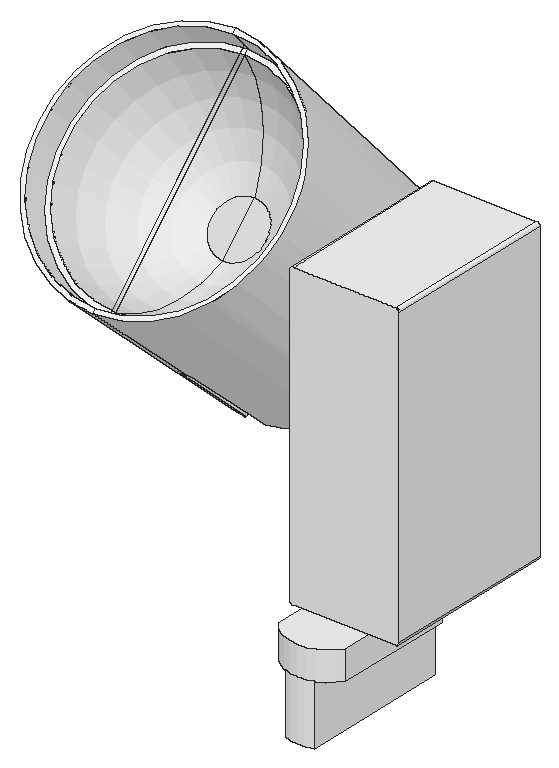
Revit family "0004882 Feilo Sylvania Lighting Fixture START TRACK SPOT L 55W 4K RA90 WB WHITE", category Lighting Fixtures, host Face, Revit 2017
Family settings
  Host = Face
  Round Connector Dimension = Use Diameter
  Part Type = Normal
  OmniClass Number = 23.80.70.00
  OmniClass Title = Lighting
  Cut with Voids When Loaded = No
  Light Source = No
  Shared = No
  Room Calculation Point = No
Parameters (values of type "0004882 START TRACK SPOT L 55W 4K RA90 WB WHITE")
  Weight = "1.398 kg"
  Wattage Comments = ""
  WarrantyStartDate [instance] = "n/a"
  WarrantyGuarantorParts = "n/a"
  WarrantyDurationUnit = "n/a"
  WarrantyDurationParts = "n/a"
  WarrantyDescription = "n/a"
  Voltage = 230 V
  URL = "http://www.sylvania-lighting.com"
  TypeName = "START TRACK SPOT L 55W 4K RA90 WB WHITE"
  TypeHead_FEILO = Start Track Spot Head : 0004882 START TRACK SPOT L 55W 4K RA90 WB WHITE
  TypeBox_FEILO = Start Track Spot Box : Type Large White
  Type Image = <None>
  Type Comments = "n/a"
  VerticalRotation_FEILO [instance] = 0.00°
  SlideEndAngle_FEILO [instance] = VerticalRotation_FEILO + 180.00°  # 180.00°
  SerialNumber [instance] = "n/a"
  Material_3_FEILO = none
  PowerFactor = 0.96
  PowerConsumption = "55 W"
  NominalLength = 0 mm
  NominalHeight = 240 mm
  NominalDepth = 164 mm
  Name = "START TRACK SPOT L 55W 4K RA90 WB WHITE"
  ModelReference = Name  # "START TRACK SPOT L 55W 4K RA90 WB WHITE"
  ModelNumber = "0004882"
  Model = Name  # "START TRACK SPOT L 55W 4K RA90 WB WHITE"
  Material = "adc12 aluminium housing, polycarbonate diffuser"
  ManufacturerName = "Feilo Sylvania"
  Manufacturer = "Feilo Sylvania"
  LuminousEfficacy = "88 lm/W"
  LuminaireType = ""
  LightOutputRatio = "100"
  LampsType = Lamp  # "LED"
  LampNominalLuminous = "4824 lm"
  LampMacAdamStep = "3"
  LampColourTemperature = "4000 K"
  LampColourRenderingIndex = "90"
  Lamp = "LED"
  Keynote = "16500"
  InstallationDate [instance] = "n/a"
  InputVoltage = "230-240V~"
  InputNominalFrequency = "50/60 Hz"
  IngressProtection = "IP20"
  ImpactProtectionIndex = "IK02"
  IfcExportType = "IfcLightFixtureType"
  IfcExportAs = "IfcLightFixtureType"
  HorizontalRotation_FEILO [instance] = 45.00°
  ExpectedLife = 50000
  ElectricShockClassification = "Class II"
  DurationUnit = "hours"
  DocumentationLiterature = "http://www.sylvania-lighting.com/product/en-int/products/0004882"
  DimmingControlOptions = "Non dimmable"
  Material_2_FEILO = none
  Description = "Integrated LED spotlight, Textured White - RAL9016, compact and minimalist design, ideal for retail applications, die-cast aluminium body, passive cooling heatsink. Beam angle: 52°, color temperature: 4000K , total system power: 55W, total fixture output: 4824 lm, LOR: 100%, colour rendering: Ra: 90 typical, LED Chromaticity: 3 step MacAdam ellipse, lifetime: >50000 hours at L70B50, energy class: A++, A+, A, IR/UV free light source without heat radiation, operating voltage: 220-240V / 50-60Hz, drive current: 1400mA, electronic driver, non-dimmable, power factor: 0.96, electrical protection: Class II, Global Track 3 Phase adapter suitable for Global trac 3-circuit tracks, ingress protection rating: IP20, suitable for internal environment only, horizontal rotation: 355°, vertical tilt: 90°, dimensions: Ø113x164x240, weight: 1.398kg."
  Default Elevation = 1219.2 mm
  CreatedOn = "12/12/2017"
  CreatedBy = ""
  Cost = 0
  built-in parameter 1114216 [instance] = (empty or 0)
  ClassificationValue = "EF_70_80"
  ClassificationName = "Uniclass2015"
  Material_1_FEILO = Body-Sylvania-StartTrackSpot-White
  BarCode [instance] = "n/a"
  AssetType = "Fixed"
  AssetIdentifier [instance] = "n/a"
  Assembly Code = "D5020200"
  Apparent Load = 55 VA
  Material_4_FEILO = none
Reference planes
  plane 1 "Center (Front/Back)": y = 0
  plane 2: z = 0
  plane 3 "Center (Left/Right)": x = 0
  plane 4: x = 15
  plane 5: x = -15
  plane 6: y = 35
  plane 7: y = -35
  plane 8: z = 13
  plane 9: z = -27
  plane 10: x = 6.5
  plane 11: x = -6.5
  plane 12: y = 27
  plane 13: y = -27
  plane 14: y = 20
Forms (mm)
  Extrusion 1, solid, material "Body-Sylvania-StartTrackSpot-White" <- "Material_1_FEILO"
    sketch origin (0, 0, 0) x (1, 0, 0) y (0, 1, 0)
      loop
        line (-15, 27) -> (-15, -27)
        arc (-15, -27) -> (0, -35) -> (15, -27) r 18.062
        line (15, -27) -> (15, 27)
        arc (15, 27) -> (0, 35) -> (-15, 27) r 18.062
    from 0 to 13
  Extrusion 2, solid, material "Body-Sylvania-StartTrackSpot-White" <- "Material_1_FEILO"
    sketch origin (0, 0, 0) x (1, 0, 0) y (0, 1, 0)
      loop
        arc (6.5, 33.79) -> (0, 35) -> (-6.5, 33.79) r 18.062
        line (-6.5, 33.79) -> (-6.5, -33.79)
        arc (-6.5, -33.79) -> (0, -35) -> (6.5, -33.79) r 18.062
        line (6.5, -33.79) -> (6.5, 33.79)
    from 0 to -27
  Revolve 3, solid, not visible
    sketch origin (1524, 20, 1219.2) x (1, 0, 0) y (0, 0, 1)
      loop
        line (-1524, -1206.2) -> (-1524, -1191.285) -> (-1530.5, -1191.285) -> (-1530.5, -1206.2) -> (-1524, -1206.2)
      axis (-1524, -1191.285) -> (-1524, -1206.2)
    angle from 0 <- "VerticalRotation_FEILO" to 180 <- "SlideEndAngle_FEILO"
Cuts and joins
  joined: Extrusion 1, Extrusion 2
Dimensions and locks
  equal spacing: plane 10, plane 3 "Center (Left/Right)", plane 11
  equal spacing: plane 4, plane 3 "Center (Left/Right)", plane 5
  locked: plane 8 to plane 2 at 13
  locked: plane 8 to plane 9 at 40
  equal spacing: plane 13, plane 1 "Center (Front/Back)", plane 12
  locked: plane 12 to plane 6 at 8
  locked: plane 14 to plane 6 at 15
  locked: Revolve 3 sketch curve to plane 8 at 14.915
  aligned and locked: plane 2 to host face
  aligned and locked: level to host face
  aligned and locked: plane 5 to Extrusion 1 sketch curve  (x2)
  aligned and locked: plane 12 to Extrusion 1 sketch curve
  aligned and locked: plane 13 to Extrusion 1 sketch curve
  aligned and locked: plane 4 to Extrusion 1 sketch curve
  aligned and locked: Extrusion 1 to plane 8
  aligned and locked: Extrusion 1 to level
  aligned and locked: Extrusion 2 sketch curve to Extrusion 1  (x2)
  aligned and locked: Extrusion 2 sketch curve to plane 11
  aligned and locked: plane 10 to Extrusion 2 sketch curve
  aligned and locked: plane 9 to Extrusion 2
  aligned and locked: level to Extrusion 2
  aligned and locked: Revolve 3 sketch curve to plane 3 "Center (Left/Right)"  (x2)
  aligned and locked: plane 11 to Revolve 3 sketch curve
  aligned and locked: Revolve 3 sketch curve to plane 8
Automatic sketch dimensions
  host sketch curve to host sketch curve = 2438.4 mm  (x2)
  Extrusion 1 sketch curve to plane 3 "Center (Left/Right)" = 0 mm  (x2)
  Extrusion 1 sketch curve to plane 13 = 10.062 mm
  plane 12 to Extrusion 1 sketch curve = 10.062 mm
  Revolve 3 sketch curve to plane 3 "Center (Left/Right)" = 0 mm
  plane 9 to Revolve 3 sketch curve = 582.6 mm
  Revolve 3 sketch curve to Revolve 3 sketch curve = 2581.144 mm
Nested families
  nested 1: "Start Track Spot Head" at (-75.5, 20, 133) x (0, 0.7071, 0.7071) z (0, 0.7071, -0.7071), type <- "TypeHead_FEILO", type "0004882 START TRACK SPOT L 55W 4K RA90 WB WHITE"
    with built-in parameter 1114216 (empty or 0)
  nested 2: "Start Track Spot Box" at (8.5, 20, 85) x (-1, 0, 0) z (0, -1, 0), BoxStartAngle_FEILO <- "HorizontalRotation_FEILO", type <- "TypeBox_FEILO", type "Type Large White"
    with BoxStartAngle_FEILO 45.00°, BoxEndAngle_FEILO -135.00°
Connectors
  electrical at (0, 0, 0), driven by "Apparent Load", driven by "PowerFactor", driven by "Voltage"
    settings: index 1, voltage 230 V, apparent load 55 VA, apparent load phase1 0 VA, apparent load phase2 0 VA, apparent load phase3 0 VA, power factor 0.96, load classification "Lighting", number of poles 1, system type 30, power factor state 1, is connector primary yes, connector utility no, sub classification motor no, connector description ""
Definition of nested family "Start Track Spot Head"
  Parameters (values of type "0004811 START TRACK SPOT S 14W 3K RA80 NB WHITE")
    Wattage Comments = "n/a"
    Wattage = 14 W
    built-in parameter 1150110 = 1 (stored number, unit not read)
    URL = "http://www.feilosylvania.com"
    Type Image = (empty or 0)
    Type Comments = "n/a"
    built-in parameter 1114217 = 1 (stored number, unit not read)
    Tilt Angle = -90.00°
    built-in parameter 1150109 = 1 (stored number, unit not read)
    built-in parameter 1150134 = (empty or 0)
    built-in parameter 1150113 = 1 (stored number, unit not read)
    Photometric Web File = "0004811.ies"
    Material_3_FEILO = none
    Model = "START TRACK SPOT S 14W 3K RA80 NB WHITE"
    Manufacturer = "Feilo Sylvania"
    built-in parameter 1150105 = 123.66 (stored number, unit not read)
    Lumens = 1554 lm
    built-in parameter 1150115 = 1 (stored number, unit not read)
    built-in parameter 1150137 = (empty or 0)
    built-in parameter 1150139 = (empty or 0)
    built-in parameter 1150112 = 1 (stored number, unit not read)
    built-in parameter 1150114 = 1 (stored number, unit not read)
    Lamp = "LED"
    Keynote = "16500"
    Material_2_FEILO = none
    built-in parameter 1150132 = (empty or 0)
    built-in parameter 1150102 = (empty or 0)
    built-in parameter 1150107 = 3000 (stored number, unit not read)
    built-in parameter 1150138 = (empty or 0)
    built-in parameter 1150106 = 1.2366 (stored number, unit not read)
    HeadThickness_FEILO = if(HeadDiaOut_FEILO > 112 mm, 2 mm, 1.5 mm)  # 1.5 mm
    HeadRibOffset_FEILO = HeadHeight_FEILO / 28  # 4.179 mm
    HeadRibDepth_FEILO = HeadHeight_FEILO / 2.1  # 55.714 mm
    HeadRibCutWidth_FEILO = HeadDiaOut_FEILO / 12  # 7.167 mm
    HeadRibCutOffset_FEILO = HeadHeight_FEILO / 2.3  # 50.87 mm
    HeadReflectorRadius_FEILO = HeadDiaOut_FEILO / 1.7  # 50.588 mm
    HeadReflectorOffset_FEILO = HeadHeight_FEILO / 2.1  # 55.714 mm
    HeadLEDRadius_FEILO = HeadDiaOut_FEILO / 9  # 9.556 mm
    HeadHeight_FEILO = 117 mm
    HeadDraft_FEILO = 1 mm
    HeadDiffusorThickness_FEILO = 3 mm
    HeadDiffusorOffset_FEILO = HeadHeight_FEILO / 12.4  # 9.435 mm
    HeadDiaOut_FEILO = 86 mm
    HeadDiaIn_FEILO = HeadDiaOut_FEILO / 1.11  # 77.477 mm
    HeadAxisFromTop_FEILO = HeadHeight_FEILO / 1.687  # 69.354 mm
    Emit from Circle Diameter = HeadDiaIn_FEILO  # 77.477 mm
    Emit Shape Visible in Rendering = no
    built-in parameter 1150104 = 10.312 (stored number, unit not read)
    Dimming Lamp Color Temperature Shift = (empty or 0)
    Description = "Integrated LED spotlight, Textured White - RAL9016, compact and minimalist design, ideal for retail applications, die-cast aluminium body, passive cooling heatsink. Beam angle: 12°, color temperature: 3000K , total system power: 14W, total fixture output: 1551 lm, LOR: 100%, colour rendering: Ra: 80 typical, LED Chromaticity: 3 step MacAdam ellipse, lifetime: >50000 hours at L70B50, energy class: A++, A+, A, IR/UV free light source without heat radiation, operating voltage: 220-240V / 50-60Hz, drive current: 350mA, electronic driver, non-dimmable, power factor: 0.92, electrical protection: Class II, Global Track 3 Phase adapter suitable for Global trac 3-circuit tracks, ingress protection rating: IP20, suitable for internal environment only, horizontal rotation: 355°, vertical tilt: 90°, dimensions: Ø86x140x200, weight: 0.940kg."
    Default Elevation = 1219.2 mm
    Cost = 0
    Color Filter = 16777215
    built-in parameter 1114216 [instance] = (empty or 0)
    Material_1_FEILO = none
    built-in parameter 1114218 = 1 (stored number, unit not read)
    built-in parameter 1150133 = 10 (stored number, unit not read)
    Assembly Code = "D5020200"
    Apparent Load = 14 VA
    Material_4_FEILO = none
  Types (96, lengths in mm): name | Wattage | built-in parameter 1150134 | Photometric Web File | Model | built-in parameter 1150105 | Lumens | built-in parameter 1150107 | built-in parameter 1150106 | HeadThickness_FEILO | HeadRibOffset_FEILO | HeadRibDepth_FEILO | HeadRibCutWidth_FEILO | HeadRibCutOffset_FEILO | HeadReflectorRadius_FEILO | HeadReflectorOffset_FEILO | HeadLEDRadius_FEILO | HeadHeight_FEILO | HeadDiffusorOffset_FEILO | HeadDiaOut_FEILO | HeadDiaIn_FEILO | HeadAxisFromTop_FEILO | Emit from Circle Diameter | built-in parameter 1150104 | Description | Apparent Load
    0004906 START TRACK SPOT L 55W 4K RA90 WB BLACK | 55 W | 12 | "0004906.ies" | "START TRACK SPOT L 55W 4K RA90 WB BLACK" | 385.15 (stored number, unit not read) | 4840 lm | 4000 (stored number, unit not read) | 3.8515 (stored number, unit not read) | 2 | 4.429 | 59.048 | 9.417 | 53.913 | 66.471 | 59.048 | 12.556 | 124 | 10 | 113 | 101.802 | 73.503 | 101.802 | 8.1755 (stored number, unit not read) | "Integrated LED spotlight, Textured Black - RAL9005, compact and minimalist design, ideal for retail applications, die-cast aluminium body, passive cooling heatsink. Beam angle: 52°, color temperature: 4000K , total system power: 55W, total fixture output: 4824 lm, LOR: 100%, colour rendering: Ra: 90 typical, LED Chromaticity: 3 step MacAdam ellipse, lifetime: >50000 hours at L70B50, energy class: A++, A+, A, IR/UV free light source without heat radiation, operating voltage: 220-240V / 50-60Hz, drive current: 1400mA, electronic driver, non-dimmable, power factor: 0.96, electrical protection: Class II, Global Track 3 Phase adapter suitable for Global trac 3-circuit tracks, ingress protection rating: IP20, suitable for internal environment only, horizontal rotation: 355°, vertical tilt: 90°, dimensions: Ø113x164x240, weight: 1.398kg." | 55 VA
    0004905 START TRACK SPOT L 55W 4K RA90 MB BLACK | 55 W | 12 | "0004905.ies" | "START TRACK SPOT L 55W 4K RA90 MB BLACK" | 389.53 (stored number, unit not read) | 4895 lm | 4000 (stored number, unit not read) | 3.8953 (stored number, unit not read) | 2 | 4.429 | 59.048 | 9.417 | 53.913 | 66.471 | 59.048 | 12.556 | 124 | 10 | 113 | 101.802 | 73.503 | 101.802 | 8.2684 (stored number, unit not read) | "Integrated LED spotlight, Textured Black - RAL9005, compact and minimalist design, ideal for retail applications, die-cast aluminium body, passive cooling heatsink. Beam angle: 38°, color temperature: 4000K , total system power: 55W, total fixture output: 4897 lm, LOR: 100%, colour rendering: Ra: 90 typical, LED Chromaticity: 3 step MacAdam ellipse, lifetime: >50000 hours at L70B50, energy class: A++, A+, A, IR/UV free light source without heat radiation, operating voltage: 220-240V / 50-60Hz, drive current: 1400mA, electronic driver, non-dimmable, power factor: 0.96, electrical protection: Class II, Global Track 3 Phase adapter suitable for Global trac 3-circuit tracks, ingress protection rating: IP20, suitable for internal environment only, horizontal rotation: 355°, vertical tilt: 90°, dimensions: Ø113x164x240, weight: 1.398kg." | 55 VA
    0004904 START TRACK SPOT L 55W 4K RA90 NB BLACK | 55 W | 12 | "0004904.ies" | "START TRACK SPOT L 55W 4K RA90 NB BLACK" | 393.91 (stored number, unit not read) | 4950 lm | 4000 (stored number, unit not read) | 3.9391 (stored number, unit not read) | 2 | 4.429 | 59.048 | 9.417 | 53.913 | 66.471 | 59.048 | 12.556 | 124 | 10 | 113 | 101.802 | 73.503 | 101.802 | 8.3613 (stored number, unit not read) | "Integrated LED spotlight, Textured Black - RAL9005, compact and minimalist design, ideal for retail applications, die-cast aluminium body, passive cooling heatsink. Beam angle: 15°, color temperature: 4000K , total system power: 55W, total fixture output: 4965 lm, LOR: 100%, colour rendering: Ra: 90 typical, LED Chromaticity: 3 step MacAdam ellipse, lifetime: >50000 hours at L70B50, energy class: A++, A+, A, IR/UV free light source without heat radiation, operating voltage: 220-240V / 50-60Hz, drive current: 1400mA, electronic driver, non-dimmable, power factor: 0.96, electrical protection: Class II, Global Track 3 Phase adapter suitable for Global trac 3-circuit tracks, ingress protection rating: IP20, suitable for internal environment only, horizontal rotation: 355°, vertical tilt: 90°, dimensions: Ø113x164x240, weight: 1.398kg." | 55 VA
    0004903 START TRACK SPOT L 35W 4K RA90 WB BLACK | 35 W | 12 | "0004903.ies" | "START TRACK SPOT L 35W 4K RA90 WB BLACK" | 284.09 (stored number, unit not read) | 3570 lm | 4000 (stored number, unit not read) | 2.8409 (stored number, unit not read) | 2 | 4.429 | 59.048 | 9.417 | 53.913 | 66.471 | 59.048 | 12.556 | 124 | 10 | 113 | 101.802 | 73.503 | 101.802 | 9.4761 (stored number, unit not read) | "Integrated LED spotlight, Textured Black - RAL9005, compact and minimalist design, ideal for retail applications, die-cast aluminium body, passive cooling heatsink. Beam angle: 52°, color temperature: 4000K , total system power: 35W, total fixture output: 3562 lm, LOR: 100%, colour rendering: Ra: 90 typical, LED Chromaticity: 3 step MacAdam ellipse, lifetime: >50000 hours at L70B50, energy class: A++, A+, A, IR/UV free light source without heat radiation, operating voltage: 220-240V / 50-60Hz, drive current: 900mA, electronic driver, non-dimmable, power factor: 0.93, electrical protection: Class II, Global Track 3 Phase adapter suitable for Global trac 3-circuit tracks, ingress protection rating: IP20, suitable for internal environment only, horizontal rotation: 355°, vertical tilt: 90°, dimensions: Ø113x164x240, weight: 1.368kg." | 35 VA
    0004902 START TRACK SPOT L 35W 4K RA90 MB BLACK | 35 W | 12 | "0004902.ies" | "START TRACK SPOT L 35W 4K RA90 MB BLACK" | 286.88 (stored number, unit not read) | 3605 lm | 4000 (stored number, unit not read) | 2.8688 (stored number, unit not read) | 2 | 4.429 | 59.048 | 9.417 | 53.913 | 66.471 | 59.048 | 12.556 | 124 | 10 | 113 | 101.802 | 73.503 | 101.802 | 9.569 (stored number, unit not read) | "Integrated LED spotlight, Textured Black - RAL9005, compact and minimalist design, ideal for retail applications, die-cast aluminium body, passive cooling heatsink. Beam angle: 38°, color temperature: 4000K , total system power: 35W, total fixture output: 3616 lm, LOR: 100%, colour rendering: Ra: 90 typical, LED Chromaticity: 3 step MacAdam ellipse, lifetime: >50000 hours at L70B50, energy class: A++, A+, A, IR/UV free light source without heat radiation, operating voltage: 220-240V / 50-60Hz, drive current: 900mA, electronic driver, non-dimmable, power factor: 0.93, electrical protection: Class II, Global Track 3 Phase adapter suitable for Global trac 3-circuit tracks, ingress protection rating: IP20, suitable for internal environment only, horizontal rotation: 355°, vertical tilt: 90°, dimensions: Ø113x164x240, weight: 1.368kg." | 35 VA
    0004901 START TRACK SPOT L 35W 4K RA90 NB BLACK | 35 W | 12 | "0004901.ies" | "START TRACK SPOT L 35W 4K RA90 NB BLACK" | 286.88 (stored number, unit not read) | 3605 lm | 4000 (stored number, unit not read) | 2.8688 (stored number, unit not read) | 2 | 4.429 | 59.048 | 9.417 | 53.913 | 66.471 | 59.048 | 12.556 | 124 | 10 | 113 | 101.802 | 73.503 | 101.802 | 9.569 (stored number, unit not read) | "Integrated LED spotlight, Textured Black - RAL9005, compact and minimalist design, ideal for retail applications, die-cast aluminium body, passive cooling heatsink. Beam angle: 15°, color temperature: 4000K , total system power: 35W, total fixture output: 3593 lm, LOR: 100%, colour rendering: Ra: 90 typical, LED Chromaticity: 3 step MacAdam ellipse, lifetime: >50000 hours at L70B50, energy class: A++, A+, A, IR/UV free light source without heat radiation, operating voltage: 220-240V / 50-60Hz, drive current: 900mA, electronic driver, non-dimmable, power factor: 0.93, electrical protection: Class II, Global Track 3 Phase adapter suitable for Global trac 3-circuit tracks, ingress protection rating: IP20, suitable for internal environment only, horizontal rotation: 355°, vertical tilt: 90°, dimensions: Ø113x164x240, weight: 1.368kg." | 35 VA
    0004900 START TRACK SPOT S 24W 4K RA90 WB BLACK | 24 W | 12 | "0004900.ies" | "START TRACK SPOT S 24W 4K RA90 WB BLACK" | 166.16 (stored number, unit not read) | 2088 lm | 4000 (stored number, unit not read) | 1.6616 (stored number, unit not read) | 1.5 | 4.179 | 55.714 | 7.167 | 50.87 | 50.588 | 55.714 | 9.556 | 117 | 9.435 | 86 | 77.477 | 69.354 | 77.477 | 8.0826 (stored number, unit not read) | "Integrated LED spotlight, Textured Black - RAL9005, compact and minimalist design, ideal for retail applications, die-cast aluminium body, passive cooling heatsink. Beam angle: 64°, color temperature: 4000K , total system power: 24W, total fixture output: 2087 lm, LOR: 100%, colour rendering: Ra: 90 typical, LED Chromaticity: 3 step MacAdam ellipse, lifetime: >50000 hours at L70B50, energy class: A++, A+, A, IR/UV free light source without heat radiation, operating voltage: 220-240V / 50-60Hz, drive current: 600mA, electronic driver, non-dimmable, power factor: 0.95, electrical protection: Class II, Global Track 3 Phase adapter suitable for Global trac 3-circuit tracks, ingress protection rating: IP20, suitable for internal environment only, horizontal rotation: 355°, vertical tilt: 90°, dimensions: Ø86x140x200, weight: 0.966kg." | 24 VA
    0004899 START TRACK SPOT S 24W 4K RA90 MB BLACK | 24 W | 12 | "0004899.ies" | "START TRACK SPOT S 24W 4K RA90 MB BLACK" | 169.98 (stored number, unit not read) | 2136 lm | 4000 (stored number, unit not read) | 1.6998 (stored number, unit not read) | 1.5 | 4.179 | 55.714 | 7.167 | 50.87 | 50.588 | 55.714 | 9.556 | 117 | 9.435 | 86 | 77.477 | 69.354 | 77.477 | 8.2684 (stored number, unit not read) | "Integrated LED spotlight, Textured Black - RAL9005, compact and minimalist design, ideal for retail applications, die-cast aluminium body, passive cooling heatsink. Beam angle: 36°, color temperature: 4000K , total system power: 24W, total fixture output: 2141 lm, LOR: 100%, colour rendering: Ra: 90 typical, LED Chromaticity: 3 step MacAdam ellipse, lifetime: >50000 hours at L70B50, energy class: A++, A+, A, IR/UV free light source without heat radiation, operating voltage: 220-240V / 50-60Hz, drive current: 600mA, electronic driver, non-dimmable, power factor: 0.95, electrical protection: Class II, Global Track 3 Phase adapter suitable for Global trac 3-circuit tracks, ingress protection rating: IP20, suitable for internal environment only, horizontal rotation: 355°, vertical tilt: 90°, dimensions: Ø86x140x200, weight: 0.966kg." | 24 VA
    0004898 START TRACK SPOT S 24W 4K RA90 NB BLACK | 24 W | 12 | "0004898.ies" | "START TRACK SPOT S 24W 4K RA90 NB BLACK" | 171.89 (stored number, unit not read) | 2160 lm | 4000 (stored number, unit not read) | 1.7189 (stored number, unit not read) | 1.5 | 4.179 | 55.714 | 7.167 | 50.87 | 50.588 | 55.714 | 9.556 | 117 | 9.435 | 86 | 77.477 | 69.354 | 77.477 | 8.3613 (stored number, unit not read) | "Integrated LED spotlight, Textured Black - RAL9005, compact and minimalist design, ideal for retail applications, die-cast aluminium body, passive cooling heatsink. Beam angle: 12°, color temperature: 4000K , total system power: 24W, total fixture output: 2155 lm, LOR: 100%, colour rendering: Ra: 90 typical, LED Chromaticity: 3 step MacAdam ellipse, lifetime: >50000 hours at L70B50, energy class: A++, A+, A, IR/UV free light source without heat radiation, operating voltage: 220-240V / 50-60Hz, drive current: 600mA, electronic driver, non-dimmable, power factor: 0.95, electrical protection: Class II, Global Track 3 Phase adapter suitable for Global trac 3-circuit tracks, ingress protection rating: IP20, suitable for internal environment only, horizontal rotation: 355°, vertical tilt: 90°, dimensions: Ø86x140x200, weight: 0.966kg." | 24 VA
    0004897 START TRACK SPOT S 14W 4K RA90 WB BLACK | 14 W | 12 | "0004897.ies" | "START TRACK SPOT S 14W 4K RA90 WB BLACK" | 108.07 (stored number, unit not read) | 1358 lm | 4000 (stored number, unit not read) | 1.0807 (stored number, unit not read) | 1.5 | 4.179 | 55.714 | 7.167 | 50.87 | 50.588 | 55.714 | 9.556 | 117 | 9.435 | 86 | 77.477 | 69.354 | 77.477 | 9.0116 (stored number, unit not read) | "Integrated LED spotlight, Textured Black - RAL9005, compact and minimalist design, ideal for retail applications, die-cast aluminium body, passive cooling heatsink. Beam angle: 64°, color temperature: 4000K , total system power: 14W, total fixture output: 1352 lm, LOR: 100%, colour rendering: Ra: 90 typical, LED Chromaticity: 3 step MacAdam ellipse, lifetime: >50000 hours at L70B50, energy class: A++, A+, A, IR/UV free light source without heat radiation, operating voltage: 220-240V / 50-60Hz, drive current: 350mA, electronic driver, non-dimmable, power factor: 0.92, electrical protection: Class II, Global Track 3 Phase adapter suitable for Global trac 3-circuit tracks, ingress protection rating: IP20, suitable for internal environment only, horizontal rotation: 355°, vertical tilt: 90°, dimensions: Ø86x140x200, weight: 0.940kg." | 14 VA
    0004896 START TRACK SPOT S 14W 4K RA90 MB BLACK | 14 W | 12 | "0004896.ies" | "START TRACK SPOT S 14W 4K RA90 MB BLACK" | 108.07 (stored number, unit not read) | 1358 lm | 4000 (stored number, unit not read) | 1.0807 (stored number, unit not read) | 1.5 | 4.179 | 55.714 | 7.167 | 50.87 | 50.588 | 55.714 | 9.556 | 117 | 9.435 | 86 | 77.477 | 69.354 | 77.477 | 9.0116 (stored number, unit not read) | "Integrated LED spotlight, Textured Black - RAL9005, compact and minimalist design, ideal for retail applications, die-cast aluminium body, passive cooling heatsink. Beam angle: 36°, color temperature: 4000K , total system power: 14W, total fixture output: 1359 lm, LOR: 100%, colour rendering: Ra: 90 typical, LED Chromaticity: 3 step MacAdam ellipse, lifetime: >50000 hours at L70B50, energy class: A++, A+, A, IR/UV free light source without heat radiation, operating voltage: 220-240V / 50-60Hz, drive current: 350mA, electronic driver, non-dimmable, power factor: 0.92, electrical protection: Class II, Global Track 3 Phase adapter suitable for Global trac 3-circuit tracks, ingress protection rating: IP20, suitable for internal environment only, horizontal rotation: 355°, vertical tilt: 90°, dimensions: Ø86x140x200, weight: 0.940kg." | 14 VA
    0004895 START TRACK SPOT S 14W 4K RA90 NB BLACK | 14 W | 12 | "0004895.ies" | "START TRACK SPOT S 14W 4K RA90 NB BLACK" | 106.95 (stored number, unit not read) | 1344 lm | 4000 (stored number, unit not read) | 1.0695 (stored number, unit not read) | 1.5 | 4.179 | 55.714 | 7.167 | 50.87 | 50.588 | 55.714 | 9.556 | 117 | 9.435 | 86 | 77.477 | 69.354 | 77.477 | 8.9187 (stored number, unit not read) | "Integrated LED spotlight, Textured Black - RAL9005, compact and minimalist design, ideal for retail applications, die-cast aluminium body, passive cooling heatsink. Beam angle: 12°, color temperature: 4000K , total system power: 14W, total fixture output: 1349 lm, LOR: 100%, colour rendering: Ra: 90 typical, LED Chromaticity: 3 step MacAdam ellipse, lifetime: >50000 hours at L70B50, energy class: A++, A+, A, IR/UV free light source without heat radiation, operating voltage: 220-240V / 50-60Hz, drive current: 350mA, electronic driver, non-dimmable, power factor: 0.92, electrical protection: Class II, Global Track 3 Phase adapter suitable for Global trac 3-circuit tracks, ingress protection rating: IP20, suitable for internal environment only, horizontal rotation: 355°, vertical tilt: 90°, dimensions: Ø86x140x200, weight: 0.940kg." | 14 VA
    0004894 START TRACK SPOT L 55W 3K RA90 WB BLACK | 55 W | (empty or 0) | "0004894.ies" | "START TRACK SPOT L 55W 3K RA90 WB BLACK" | 350.14 (stored number, unit not read) | 4400 lm | 3000 (stored number, unit not read) | 3.5014 (stored number, unit not read) | 2 | 4.429 | 59.048 | 9.417 | 53.913 | 66.471 | 59.048 | 12.556 | 124 | 10 | 113 | 101.802 | 73.503 | 101.802 | 7.4322 (stored number, unit not read) | "Integrated LED spotlight, Textured Black - RAL9005, compact and minimalist design, ideal for retail applications, die-cast aluminium body, passive cooling heatsink. Beam angle: 52°, color temperature: 3000K , total system power: 55W, total fixture output: 4405 lm, LOR: 100%, colour rendering: Ra: 90 typical, LED Chromaticity: 3 step MacAdam ellipse, lifetime: >50000 hours at L70B50, energy class: A++, A+, A, IR/UV free light source without heat radiation, operating voltage: 220-240V / 50-60Hz, drive current: 1400mA, electronic driver, non-dimmable, power factor: 0.96, electrical protection: Class II, Global Track 3 Phase adapter suitable for Global trac 3-circuit tracks, ingress protection rating: IP20, suitable for internal environment only, horizontal rotation: 355°, vertical tilt: 90°, dimensions: Ø113x164x240, weight: 1.398kg." | 55 VA
    0004893 START TRACK SPOT L 55W 3K RA90 MB BLACK | 55 W | (empty or 0) | "0004893.ies" | "START TRACK SPOT L 55W 3K RA90 MB BLACK" | 354.52 (stored number, unit not read) | 4455 lm | 3000 (stored number, unit not read) | 3.5452 (stored number, unit not read) | 2 | 4.429 | 59.048 | 9.417 | 53.913 | 66.471 | 59.048 | 12.556 | 124 | 10 | 113 | 101.802 | 73.503 | 101.802 | 7.5251 (stored number, unit not read) | "Integrated LED spotlight, Textured Black - RAL9005, compact and minimalist design, ideal for retail applications, die-cast aluminium body, passive cooling heatsink. Beam angle: 38°, color temperature: 3000K , total system power: 55W, total fixture output: 4448 lm, LOR: 100%, colour rendering: Ra: 90 typical, LED Chromaticity: 3 step MacAdam ellipse, lifetime: >50000 hours at L70B50, energy class: A++, A+, A, IR/UV free light source without heat radiation, operating voltage: 220-240V / 50-60Hz, drive current: 1400mA, electronic driver, non-dimmable, power factor: 0.96, electrical protection: Class II, Global Track 3 Phase adapter suitable for Global trac 3-circuit tracks, ingress protection rating: IP20, suitable for internal environment only, horizontal rotation: 355°, vertical tilt: 90°, dimensions: Ø113x164x240, weight: 1.398kg." | 55 VA
    0004892 START TRACK SPOT L 55W 3K RA90 NB BLACK | 55 W | (empty or 0) | "0004892.ies" | "START TRACK SPOT L 55W 3K RA90 NB BLACK" | 350.14 (stored number, unit not read) | 4400 lm | 3000 (stored number, unit not read) | 3.5014 (stored number, unit not read) | 2 | 4.429 | 59.048 | 9.417 | 53.913 | 66.471 | 59.048 | 12.556 | 124 | 10 | 113 | 101.802 | 73.503 | 101.802 | 7.4322 (stored number, unit not read) | "Integrated LED spotlight, Textured Black - RAL9005, compact and minimalist design, ideal for retail applications, die-cast aluminium body, passive cooling heatsink. Beam angle: 15°, color temperature: 3000K , total system power: 55W, total fixture output: 4416 lm, LOR: 100%, colour rendering: Ra: 90 typical, LED Chromaticity: 3 step MacAdam ellipse, lifetime: >50000 hours at L70B50, energy class: A++, A+, A, IR/UV free light source without heat radiation, operating voltage: 220-240V / 50-60Hz, drive current: 1400mA, electronic driver, non-dimmable, power factor: 0.96, electrical protection: Class II, Global Track 3 Phase adapter suitable for Global trac 3-circuit tracks, ingress protection rating: IP20, suitable for internal environment only, horizontal rotation: 355°, vertical tilt: 90°, dimensions: Ø113x164x240, weight: 1.398kg." | 55 VA
    0004891 START TRACK SPOT L 35W 3K RA90 WB BLACK | 35 W | (empty or 0) | "0004891.ies" | "START TRACK SPOT L 35W 3K RA90 WB BLACK" | 259.02 (stored number, unit not read) | 3255 lm | 3000 (stored number, unit not read) | 2.5902 (stored number, unit not read) | 2 | 4.429 | 59.048 | 9.417 | 53.913 | 66.471 | 59.048 | 12.556 | 124 | 10 | 113 | 101.802 | 73.503 | 101.802 | 8.64 (stored number, unit not read) | "Integrated LED spotlight, Textured Black - RAL9005, compact and minimalist design, ideal for retail applications, die-cast aluminium body, passive cooling heatsink. Beam angle: 52°, color temperature: 3000K , total system power: 35W, total fixture output: 3260 lm, LOR: 100%, colour rendering: Ra: 90 typical, LED Chromaticity: 3 step MacAdam ellipse, lifetime: >50000 hours at L70B50, energy class: A++, A+, A, IR/UV free light source without heat radiation, operating voltage: 220-240V / 50-60Hz, drive current: 900mA, electronic driver, non-dimmable, power factor: 0.93, electrical protection: Class II, Global Track 3 Phase adapter suitable for Global trac 3-circuit tracks, ingress protection rating: IP20, suitable for internal environment only, horizontal rotation: 355°, vertical tilt: 90°, dimensions: Ø113x164x240, weight: 1.368kg." | 35 VA
    0004890 START TRACK SPOT L 35W 3K RA90 MB BLACK | 35 W | (empty or 0) | "0004890.ies" | "START TRACK SPOT L 35W 3K RA90 MB BLACK" | 261.81 (stored number, unit not read) | 3290 lm | 3000 (stored number, unit not read) | 2.6181 (stored number, unit not read) | 2 | 4.429 | 59.048 | 9.417 | 53.913 | 66.471 | 59.048 | 12.556 | 124 | 10 | 113 | 101.802 | 73.503 | 101.802 | 8.7329 (stored number, unit not read) | "Integrated LED spotlight, Textured Black - RAL9005, compact and minimalist design, ideal for retail applications, die-cast aluminium body, passive cooling heatsink. Beam angle: 38°, color temperature: 3000K , total system power: 35W, total fixture output: 3306 lm, LOR: 100%, colour rendering: Ra: 90 typical, LED Chromaticity: 3 step MacAdam ellipse, lifetime: >50000 hours at L70B50, energy class: A++, A+, A, IR/UV free light source without heat radiation, operating voltage: 220-240V / 50-60Hz, drive current: 900mA, electronic driver, non-dimmable, power factor: 0.93, electrical protection: Class II, Global Track 3 Phase adapter suitable for Global trac 3-circuit tracks, ingress protection rating: IP20, suitable for internal environment only, horizontal rotation: 355°, vertical tilt: 90°, dimensions: Ø113x164x240, weight: 1.368kg." | 35 VA
    0004889 START TRACK SPOT L 35W 3K RA90 NB BLACK | 35 W | (empty or 0) | "0004889.ies" | "START TRACK SPOT L 35W 3K RA90 NB BLACK" | 261.81 (stored number, unit not read) | 3290 lm | 3000 (stored number, unit not read) | 2.6181 (stored number, unit not read) | 2 | 4.429 | 59.048 | 9.417 | 53.913 | 66.471 | 59.048 | 12.556 | 124 | 10 | 113 | 101.802 | 73.503 | 101.802 | 8.7329 (stored number, unit not read) | "Integrated LED spotlight, Textured Black - RAL9005, compact and minimalist design, ideal for retail applications, die-cast aluminium body, passive cooling heatsink. Beam angle: 15°, color temperature: 3000K , total system power: 35W, total fixture output: 3287 lm, LOR: 100%, colour rendering: Ra: 90 typical, LED Chromaticity: 3 step MacAdam ellipse, lifetime: >50000 hours at L70B50, energy class: A++, A+, A, IR/UV free light source without heat radiation, operating voltage: 220-240V / 50-60Hz, drive current: 900mA, electronic driver, non-dimmable, power factor: 0.93, electrical protection: Class II, Global Track 3 Phase adapter suitable for Global trac 3-circuit tracks, ingress protection rating: IP20, suitable for internal environment only, horizontal rotation: 355°, vertical tilt: 90°, dimensions: Ø113x164x240, weight: 1.368kg." | 35 VA
    0004888 START TRACK SPOT S 24W 3K RA90 WB BLACK | 24 W | (empty or 0) | "0004888.ies" | "START TRACK SPOT S 24W 3K RA90 WB BLACK" | 152.79 (stored number, unit not read) | 1920 lm | 3000 (stored number, unit not read) | 1.5279 (stored number, unit not read) | 1.5 | 4.179 | 55.714 | 7.167 | 50.87 | 50.588 | 55.714 | 9.556 | 117 | 9.435 | 86 | 77.477 | 69.354 | 77.477 | 7.4322 (stored number, unit not read) | "Integrated LED spotlight, Textured Black - RAL9005, compact and minimalist design, ideal for retail applications, die-cast aluminium body, passive cooling heatsink. Beam angle: 64°, color temperature: 3000K , total system power: 24W, total fixture output: 1928 lm, LOR: 100%, colour rendering: Ra: 90 typical, LED Chromaticity: 3 step MacAdam ellipse, lifetime: >50000 hours at L70B50, energy class: A++, A+, A, IR/UV free light source without heat radiation, operating voltage: 220-240V / 50-60Hz, drive current: 600mA, electronic driver, non-dimmable, power factor: 0.95, electrical protection: Class II, Global Track 3 Phase adapter suitable for Global trac 3-circuit tracks, ingress protection rating: IP20, suitable for internal environment only, horizontal rotation: 355°, vertical tilt: 90°, dimensions: Ø86x140x200, weight: 0.966kg." | 24 VA
    0004887 START TRACK SPOT S 24W 3K RA90 MB BLACK | 24 W | (empty or 0) | "0004887.ies" | "START TRACK SPOT S 24W 3K RA90 MB BLACK" | 154.7 (stored number, unit not read) | 1944 lm | 3000 (stored number, unit not read) | 1.547 (stored number, unit not read) | 1.5 | 4.179 | 55.714 | 7.167 | 50.87 | 50.588 | 55.714 | 9.556 | 117 | 9.435 | 86 | 77.477 | 69.354 | 77.477 | 7.5251 (stored number, unit not read) | "Integrated LED spotlight, Textured Black - RAL9005, compact and minimalist design, ideal for retail applications, die-cast aluminium body, passive cooling heatsink. Beam angle: 36°, color temperature: 3000K , total system power: 24W, total fixture output: 1944 lm, LOR: 100%, colour rendering: Ra: 90 typical, LED Chromaticity: 3 step MacAdam ellipse, lifetime: >50000 hours at L70B50, energy class: A++, A+, A, IR/UV free light source without heat radiation, operating voltage: 220-240V / 50-60Hz, drive current: 600mA, electronic driver, non-dimmable, power factor: 0.95, electrical protection: Class II, Global Track 3 Phase adapter suitable for Global trac 3-circuit tracks, ingress protection rating: IP20, suitable for internal environment only, horizontal rotation: 355°, vertical tilt: 90°, dimensions: Ø86x140x200, weight: 0.966kg." | 24 VA
    0004886 START TRACK SPOT S 24W 3K RA90 NB BLACK | 24 W | (empty or 0) | "0004886.ies" | "START TRACK SPOT S 24W 3K RA90 NB BLACK" | 158.52 (stored number, unit not read) | 1992 lm | 3000 (stored number, unit not read) | 1.5852 (stored number, unit not read) | 1.5 | 4.179 | 55.714 | 7.167 | 50.87 | 50.588 | 55.714 | 9.556 | 117 | 9.435 | 86 | 77.477 | 69.354 | 77.477 | 7.711 (stored number, unit not read) | "Integrated LED spotlight, Textured Black - RAL9005, compact and minimalist design, ideal for retail applications, die-cast aluminium body, passive cooling heatsink. Beam angle: 12°, color temperature: 3000K , total system power: 24W, total fixture output: 1987 lm, LOR: 100%, colour rendering: Ra: 90 typical, LED Chromaticity: 3 step MacAdam ellipse, lifetime: >50000 hours at L70B50, energy class: A++, A+, A, IR/UV free light source without heat radiation, operating voltage: 220-240V / 50-60Hz, drive current: 600mA, electronic driver, non-dimmable, power factor: 0.95, electrical protection: Class II, Global Track 3 Phase adapter suitable for Global trac 3-circuit tracks, ingress protection rating: IP20, suitable for internal environment only, horizontal rotation: 355°, vertical tilt: 90°, dimensions: Ø86x140x200, weight: 0.966kg." | 24 VA
    0004885 START TRACK SPOT S 14W 3K RA90 WB BLACK | 14 W | (empty or 0) | "0004885.ies" | "START TRACK SPOT S 14W 3K RA90 WB BLACK" | 100.27 (stored number, unit not read) | 1260 lm | 3000 (stored number, unit not read) | 1.0027 (stored number, unit not read) | 1.5 | 4.179 | 55.714 | 7.167 | 50.87 | 50.588 | 55.714 | 9.556 | 117 | 9.435 | 86 | 77.477 | 69.354 | 77.477 | 8.3613 (stored number, unit not read) | "Integrated LED spotlight, Textured Black - RAL9005, compact and minimalist design, ideal for retail applications, die-cast aluminium body, passive cooling heatsink. Beam angle: 64°, color temperature: 3000K , total system power: 14W, total fixture output: 1262 lm, LOR: 100%, colour rendering: Ra: 90 typical, LED Chromaticity: 3 step MacAdam ellipse, lifetime: >50000 hours at L70B50, energy class: A++, A+, A, IR/UV free light source without heat radiation, operating voltage: 220-240V / 50-60Hz, drive current: 350mA, electronic driver, non-dimmable, power factor: 0.92, electrical protection: Class II, Global Track 3 Phase adapter suitable for Global trac 3-circuit tracks, ingress protection rating: IP20, suitable for internal environment only, horizontal rotation: 355°, vertical tilt: 90°, dimensions: Ø86x140x200, weight: 0.940kg." | 14 VA
    0004884 START TRACK SPOT S 14W 3K RA90 MB BLACK | 14 W | (empty or 0) | "0004884.ies" | "START TRACK SPOT S 14W 3K RA90 MB BLACK" | 100.27 (stored number, unit not read) | 1260 lm | 3000 (stored number, unit not read) | 1.0027 (stored number, unit not read) | 1.5 | 4.179 | 55.714 | 7.167 | 50.87 | 50.588 | 55.714 | 9.556 | 117 | 9.435 | 86 | 77.477 | 69.354 | 77.477 | 8.3613 (stored number, unit not read) | "Integrated LED spotlight, Textured Black - RAL9005, compact and minimalist design, ideal for retail applications, die-cast aluminium body, passive cooling heatsink. Beam angle: 36°, color temperature: 3000K , total system power: 14W, total fixture output: 1262 lm, LOR: 100%, colour rendering: Ra: 90 typical, LED Chromaticity: 3 step MacAdam ellipse, lifetime: >50000 hours at L70B50, energy class: A++, A+, A, IR/UV free light source without heat radiation, operating voltage: 220-240V / 50-60Hz, drive current: 350mA, electronic driver, non-dimmable, power factor: 0.92, electrical protection: Class II, Global Track 3 Phase adapter suitable for Global trac 3-circuit tracks, ingress protection rating: IP20, suitable for internal environment only, horizontal rotation: 355°, vertical tilt: 90°, dimensions: Ø86x140x200, weight: 0.940kg." | 14 VA
    0004883 START TRACK SPOT S 14W 3K RA90 NB BLACK | 14 W | (empty or 0) | "0004883.ies" | "START TRACK SPOT S 14W 3K RA90 NB BLACK" | 102.5 (stored number, unit not read) | 1288 lm | 3000 (stored number, unit not read) | 1.025 (stored number, unit not read) | 1.5 | 4.179 | 55.714 | 7.167 | 50.87 | 50.588 | 55.714 | 9.556 | 117 | 9.435 | 86 | 77.477 | 69.354 | 77.477 | 8.5471 (stored number, unit not read) | "Integrated LED spotlight, Textured Black - RAL9005, compact and minimalist design, ideal for retail applications, die-cast aluminium body, passive cooling heatsink. Beam angle: 12°, color temperature: 3000K , total system power: 14W, total fixture output: 1284 lm, LOR: 100%, colour rendering: Ra: 90 typical, LED Chromaticity: 3 step MacAdam ellipse, lifetime: >50000 hours at L70B50, energy class: A++, A+, A, IR/UV free light source without heat radiation, operating voltage: 220-240V / 50-60Hz, drive current: 350mA, electronic driver, non-dimmable, power factor: 0.92, electrical protection: Class II, Global Track 3 Phase adapter suitable for Global trac 3-circuit tracks, ingress protection rating: IP20, suitable for internal environment only, horizontal rotation: 355°, vertical tilt: 90°, dimensions: Ø86x140x200, weight: 0.940kg." | 14 VA
    0004882 START TRACK SPOT L 55W 4K RA90 WB WHITE | 55 W | 12 | "0004882.ies" | "START TRACK SPOT L 55W 4K RA90 WB WHITE" | 385.15 (stored number, unit not read) | 4840 lm | 4000 (stored number, unit not read) | 3.8515 (stored number, unit not read) | 2 | 4.429 | 59.048 | 9.417 | 53.913 | 66.471 | 59.048 | 12.556 | 124 | 10 | 113 | 101.802 | 73.503 | 101.802 | 8.1755 (stored number, unit not read) | "Integrated LED spotlight, Textured White - RAL9016, compact and minimalist design, ideal for retail applications, die-cast aluminium body, passive cooling heatsink. Beam angle: 52°, color temperature: 4000K , total system power: 55W, total fixture output: 4824 lm, LOR: 100%, colour rendering: Ra: 90 typical, LED Chromaticity: 3 step MacAdam ellipse, lifetime: >50000 hours at L70B50, energy class: A++, A+, A, IR/UV free light source without heat radiation, operating voltage: 220-240V / 50-60Hz, drive current: 1400mA, electronic driver, non-dimmable, power factor: 0.96, electrical protection: Class II, Global Track 3 Phase adapter suitable for Global trac 3-circuit tracks, ingress protection rating: IP20, suitable for internal environment only, horizontal rotation: 355°, vertical tilt: 90°, dimensions: Ø113x164x240, weight: 1.398kg." | 55 VA
    0004881 START TRACK SPOT L 55W 4K RA90 MB WHITE | 55 W | 12 | "0004881.ies" | "START TRACK SPOT L 55W 4K RA90 MB WHITE" | 389.53 (stored number, unit not read) | 4895 lm | 4000 (stored number, unit not read) | 3.8953 (stored number, unit not read) | 2 | 4.429 | 59.048 | 9.417 | 53.913 | 66.471 | 59.048 | 12.556 | 124 | 10 | 113 | 101.802 | 73.503 | 101.802 | 8.2684 (stored number, unit not read) | "Integrated LED spotlight, Textured White - RAL9016, compact and minimalist design, ideal for retail applications, die-cast aluminium body, passive cooling heatsink. Beam angle: 38°, color temperature: 4000K , total system power: 55W, total fixture output: 4897 lm, LOR: 100%, colour rendering: Ra: 90 typical, LED Chromaticity: 3 step MacAdam ellipse, lifetime: >50000 hours at L70B50, energy class: A++, A+, A, IR/UV free light source without heat radiation, operating voltage: 220-240V / 50-60Hz, drive current: 1400mA, electronic driver, non-dimmable, power factor: 0.96, electrical protection: Class II, Global Track 3 Phase adapter suitable for Global trac 3-circuit tracks, ingress protection rating: IP20, suitable for internal environment only, horizontal rotation: 355°, vertical tilt: 90°, dimensions: Ø113x164x240, weight: 1.398kg." | 55 VA
    0004880 START TRACK SPOT L 55W 4K RA90 NB WHITE | 55 W | 12 | "0004880.ies" | "START TRACK SPOT L 55W 4K RA90 NB WHITE" | 393.91 (stored number, unit not read) | 4950 lm | 4000 (stored number, unit not read) | 3.9391 (stored number, unit not read) | 2 | 4.429 | 59.048 | 9.417 | 53.913 | 66.471 | 59.048 | 12.556 | 124 | 10 | 113 | 101.802 | 73.503 | 101.802 | 8.3613 (stored number, unit not read) | "Integrated LED spotlight, Textured White - RAL9016, compact and minimalist design, ideal for retail applications, die-cast aluminium body, passive cooling heatsink. Beam angle: 15°, color temperature: 4000K , total system power: 55W, total fixture output: 4965 lm, LOR: 100%, colour rendering: Ra: 90 typical, LED Chromaticity: 3 step MacAdam ellipse, lifetime: >50000 hours at L70B50, energy class: A++, A+, A, IR/UV free light source without heat radiation, operating voltage: 220-240V / 50-60Hz, drive current: 1400mA, electronic driver, non-dimmable, power factor: 0.96, electrical protection: Class II, Global Track 3 Phase adapter suitable for Global trac 3-circuit tracks, ingress protection rating: IP20, suitable for internal environment only, horizontal rotation: 355°, vertical tilt: 90°, dimensions: Ø113x164x240, weight: 1.398kg." | 55 VA
    0004879 START TRACK SPOT L 35W 4K RA90 WB WHITE | 35 W | 12 | "0004879.ies" | "START TRACK SPOT L 35W 4K RA90 WB WHITE" | 284.09 (stored number, unit not read) | 3570 lm | 4000 (stored number, unit not read) | 2.8409 (stored number, unit not read) | 2 | 4.429 | 59.048 | 9.417 | 53.913 | 66.471 | 59.048 | 12.556 | 124 | 10 | 113 | 101.802 | 73.503 | 101.802 | 9.4761 (stored number, unit not read) | "Integrated LED spotlight, Textured White - RAL9016, compact and minimalist design, ideal for retail applications, die-cast aluminium body, passive cooling heatsink. Beam angle: 52°, color temperature: 4000K , total system power: 35W, total fixture output: 3562 lm, LOR: 100%, colour rendering: Ra: 90 typical, LED Chromaticity: 3 step MacAdam ellipse, lifetime: >50000 hours at L70B50, energy class: A++, A+, A, IR/UV free light source without heat radiation, operating voltage: 220-240V / 50-60Hz, drive current: 900mA, electronic driver, non-dimmable, power factor: 0.93, electrical protection: Class II, Global Track 3 Phase adapter suitable for Global trac 3-circuit tracks, ingress protection rating: IP20, suitable for internal environment only, horizontal rotation: 355°, vertical tilt: 90°, dimensions: Ø113x164x240, weight: 1.368kg." | 35 VA
    0004878 START TRACK SPOT L 35W 4K RA90 MB WHITE | 35 W | 12 | "0004878.ies" | "START TRACK SPOT L 35W 4K RA90 MB WHITE" | 286.88 (stored number, unit not read) | 3605 lm | 4000 (stored number, unit not read) | 2.8688 (stored number, unit not read) | 2 | 4.429 | 59.048 | 9.417 | 53.913 | 66.471 | 59.048 | 12.556 | 124 | 10 | 113 | 101.802 | 73.503 | 101.802 | 9.569 (stored number, unit not read) | "Integrated LED spotlight, Textured White - RAL9016, compact and minimalist design, ideal for retail applications, die-cast aluminium body, passive cooling heatsink. Beam angle: 38°, color temperature: 4000K , total system power: 35W, total fixture output: 3616 lm, LOR: 100%, colour rendering: Ra: 90 typical, LED Chromaticity: 3 step MacAdam ellipse, lifetime: >50000 hours at L70B50, energy class: A++, A+, A, IR/UV free light source without heat radiation, operating voltage: 220-240V / 50-60Hz, drive current: 900mA, electronic driver, non-dimmable, power factor: 0.93, electrical protection: Class II, Global Track 3 Phase adapter suitable for Global trac 3-circuit tracks, ingress protection rating: IP20, suitable for internal environment only, horizontal rotation: 355°, vertical tilt: 90°, dimensions: Ø113x164x240, weight: 1.368kg." | 35 VA
    0004877 START TRACK SPOT L 35W 4K RA90 NB WHITE | 35 W | 12 | "0004877.ies" | "START TRACK SPOT L 35W 4K RA90 NB WHITE" | 286.88 (stored number, unit not read) | 3605 lm | 4000 (stored number, unit not read) | 2.8688 (stored number, unit not read) | 2 | 4.429 | 59.048 | 9.417 | 53.913 | 66.471 | 59.048 | 12.556 | 124 | 10 | 113 | 101.802 | 73.503 | 101.802 | 9.569 (stored number, unit not read) | "Integrated LED spotlight, Textured White - RAL9016, compact and minimalist design, ideal for retail applications, die-cast aluminium body, passive cooling heatsink. Beam angle: 15°, color temperature: 4000K , total system power: 35W, total fixture output: 3593 lm, LOR: 100%, colour rendering: Ra: 90 typical, LED Chromaticity: 3 step MacAdam ellipse, lifetime: >50000 hours at L70B50, energy class: A++, A+, A, IR/UV free light source without heat radiation, operating voltage: 220-240V / 50-60Hz, drive current: 900mA, electronic driver, non-dimmable, power factor: 0.93, electrical protection: Class II, Global Track 3 Phase adapter suitable for Global trac 3-circuit tracks, ingress protection rating: IP20, suitable for internal environment only, horizontal rotation: 355°, vertical tilt: 90°, dimensions: Ø113x164x240, weight: 1.368kg." | 35 VA
    0004876 START TRACK SPOT S 24W 4K RA90 WB WHITE | 24 W | 12 | "0004876.ies" | "START TRACK SPOT S 24W 4K RA90 WB WHITE" | 166.16 (stored number, unit not read) | 2088 lm | 4000 (stored number, unit not read) | 1.6616 (stored number, unit not read) | 1.5 | 4.179 | 55.714 | 7.167 | 50.87 | 50.588 | 55.714 | 9.556 | 117 | 9.435 | 86 | 77.477 | 69.354 | 77.477 | 8.0826 (stored number, unit not read) | "Integrated LED spotlight, Textured White - RAL9016, compact and minimalist design, ideal for retail applications, die-cast aluminium body, passive cooling heatsink. Beam angle: 64°, color temperature: 4000K , total system power: 24W, total fixture output: 2087 lm, LOR: 100%, colour rendering: Ra: 90 typical, LED Chromaticity: 3 step MacAdam ellipse, lifetime: >50000 hours at L70B50, energy class: A++, A+, A, IR/UV free light source without heat radiation, operating voltage: 220-240V / 50-60Hz, drive current: 600mA, electronic driver, non-dimmable, power factor: 0.95, electrical protection: Class II, Global Track 3 Phase adapter suitable for Global trac 3-circuit tracks, ingress protection rating: IP20, suitable for internal environment only, horizontal rotation: 355°, vertical tilt: 90°, dimensions: Ø86x140x200, weight: 0.966kg." | 24 VA
    0004875 START TRACK SPOT S 24W 4K RA90 MB WHITE | 24 W | 12 | "0004875.ies" | "START TRACK SPOT S 24W 4K RA90 MB WHITE" | 169.98 (stored number, unit not read) | 2136 lm | 4000 (stored number, unit not read) | 1.6998 (stored number, unit not read) | 1.5 | 4.179 | 55.714 | 7.167 | 50.87 | 50.588 | 55.714 | 9.556 | 117 | 9.435 | 86 | 77.477 | 69.354 | 77.477 | 8.2684 (stored number, unit not read) | "Integrated LED spotlight, Textured White - RAL9016, compact and minimalist design, ideal for retail applications, die-cast aluminium body, passive cooling heatsink. Beam angle: 36°, color temperature: 4000K , total system power: 24W, total fixture output: 2141 lm, LOR: 100%, colour rendering: Ra: 90 typical, LED Chromaticity: 3 step MacAdam ellipse, lifetime: >50000 hours at L70B50, energy class: A++, A+, A, IR/UV free light source without heat radiation, operating voltage: 220-240V / 50-60Hz, drive current: 600mA, electronic driver, non-dimmable, power factor: 0.95, electrical protection: Class II, Global Track 3 Phase adapter suitable for Global trac 3-circuit tracks, ingress protection rating: IP20, suitable for internal environment only, horizontal rotation: 355°, vertical tilt: 90°, dimensions: Ø86x140x200, weight: 0.966kg." | 24 VA
    0004874 START TRACK SPOT S 24W 4K RA90 NB WHITE | 24 W | 12 | "0004874.ies" | "START TRACK SPOT S 24W 4K RA90 NB WHITE" | 171.89 (stored number, unit not read) | 2160 lm | 4000 (stored number, unit not read) | 1.7189 (stored number, unit not read) | 1.5 | 4.179 | 55.714 | 7.167 | 50.87 | 50.588 | 55.714 | 9.556 | 117 | 9.435 | 86 | 77.477 | 69.354 | 77.477 | 8.3613 (stored number, unit not read) | "Integrated LED spotlight, Textured White - RAL9016, compact and minimalist design, ideal for retail applications, die-cast aluminium body, passive cooling heatsink. Beam angle: 12°, color temperature: 4000K , total system power: 24W, total fixture output: 2155 lm, LOR: 100%, colour rendering: Ra: 90 typical, LED Chromaticity: 3 step MacAdam ellipse, lifetime: >50000 hours at L70B50, energy class: A++, A+, A, IR/UV free light source without heat radiation, operating voltage: 220-240V / 50-60Hz, drive current: 600mA, electronic driver, non-dimmable, power factor: 0.95, electrical protection: Class II, Global Track 3 Phase adapter suitable for Global trac 3-circuit tracks, ingress protection rating: IP20, suitable for internal environment only, horizontal rotation: 355°, vertical tilt: 90°, dimensions: Ø86x140x200, weight: 0.966kg." | 24 VA
    0004873 START TRACK SPOT S 14W 4K RA90 WB WHITE | 14 W | 12 | "0004873.ies" | "START TRACK SPOT S 14W 4K RA90 WB WHITE" | 108.07 (stored number, unit not read) | 1358 lm | 4000 (stored number, unit not read) | 1.0807 (stored number, unit not read) | 1.5 | 4.179 | 55.714 | 7.167 | 50.87 | 50.588 | 55.714 | 9.556 | 117 | 9.435 | 86 | 77.477 | 69.354 | 77.477 | 9.0116 (stored number, unit not read) | "Integrated LED spotlight, Textured White - RAL9016, compact and minimalist design, ideal for retail applications, die-cast aluminium body, passive cooling heatsink. Beam angle: 64°, color temperature: 4000K , total system power: 14W, total fixture output: 1352 lm, LOR: 100%, colour rendering: Ra: 90 typical, LED Chromaticity: 3 step MacAdam ellipse, lifetime: >50000 hours at L70B50, energy class: A++, A+, A, IR/UV free light source without heat radiation, operating voltage: 220-240V / 50-60Hz, drive current: 350mA, electronic driver, non-dimmable, power factor: 0.92, electrical protection: Class II, Global Track 3 Phase adapter suitable for Global trac 3-circuit tracks, ingress protection rating: IP20, suitable for internal environment only, horizontal rotation: 355°, vertical tilt: 90°, dimensions: Ø86x140x200, weight: 0.940kg." | 14 VA
    0004872 START TRACK SPOT S 14W 4K RA90 MB WHITE | 14 W | 12 | "0004872.ies" | "START TRACK SPOT S 14W 4K RA90 MB WHITE" | 108.07 (stored number, unit not read) | 1358 lm | 4000 (stored number, unit not read) | 1.0807 (stored number, unit not read) | 1.5 | 4.179 | 55.714 | 7.167 | 50.87 | 50.588 | 55.714 | 9.556 | 117 | 9.435 | 86 | 77.477 | 69.354 | 77.477 | 9.0116 (stored number, unit not read) | "Integrated LED spotlight, Textured White - RAL9016, compact and minimalist design, ideal for retail applications, die-cast aluminium body, passive cooling heatsink. Beam angle: 36°, color temperature: 4000K , total system power: 14W, total fixture output: 1359 lm, LOR: 100%, colour rendering: Ra: 90 typical, LED Chromaticity: 3 step MacAdam ellipse, lifetime: >50000 hours at L70B50, energy class: A++, A+, A, IR/UV free light source without heat radiation, operating voltage: 220-240V / 50-60Hz, drive current: 350mA, electronic driver, non-dimmable, power factor: 0.92, electrical protection: Class II, Global Track 3 Phase adapter suitable for Global trac 3-circuit tracks, ingress protection rating: IP20, suitable for internal environment only, horizontal rotation: 355°, vertical tilt: 90°, dimensions: Ø86x140x200, weight: 0.940kg." | 14 VA
    0004871 START TRACK SPOT S 14W 4K RA90 NB WHITE | 14 W | 12 | "0004871.ies" | "START TRACK SPOT S 14W 4K RA90 NB WHITE" | 106.95 (stored number, unit not read) | 1344 lm | 4000 (stored number, unit not read) | 1.0695 (stored number, unit not read) | 1.5 | 4.179 | 55.714 | 7.167 | 50.87 | 50.588 | 55.714 | 9.556 | 117 | 9.435 | 86 | 77.477 | 69.354 | 77.477 | 8.9187 (stored number, unit not read) | "Integrated LED spotlight, Textured White - RAL9016, compact and minimalist design, ideal for retail applications, die-cast aluminium body, passive cooling heatsink. Beam angle: 12°, color temperature: 4000K , total system power: 14W, total fixture output: 1349 lm, LOR: 100%, colour rendering: Ra: 90 typical, LED Chromaticity: 3 step MacAdam ellipse, lifetime: >50000 hours at L70B50, energy class: A++, A+, A, IR/UV free light source without heat radiation, operating voltage: 220-240V / 50-60Hz, drive current: 350mA, electronic driver, non-dimmable, power factor: 0.92, electrical protection: Class II, Global Track 3 Phase adapter suitable for Global trac 3-circuit tracks, ingress protection rating: IP20, suitable for internal environment only, horizontal rotation: 355°, vertical tilt: 90°, dimensions: Ø86x140x200, weight: 0.940kg." | 14 VA
    0004870 START TRACK SPOT L 55W 3K RA90 WB WHITE | 55 W | (empty or 0) | "0004870.ies" | "START TRACK SPOT L 55W 3K RA90 WB WHITE" | 350.14 (stored number, unit not read) | 4400 lm | 3000 (stored number, unit not read) | 3.5014 (stored number, unit not read) | 2 | 4.429 | 59.048 | 9.417 | 53.913 | 66.471 | 59.048 | 12.556 | 124 | 10 | 113 | 101.802 | 73.503 | 101.802 | 7.4322 (stored number, unit not read) | "Integrated LED spotlight, Textured White - RAL9016, compact and minimalist design, ideal for retail applications, die-cast aluminium body, passive cooling heatsink. Beam angle: 52°, color temperature: 3000K , total system power: 55W, total fixture output: 4405 lm, LOR: 100%, colour rendering: Ra: 90 typical, LED Chromaticity: 3 step MacAdam ellipse, lifetime: >50000 hours at L70B50, energy class: A++, A+, A, IR/UV free light source without heat radiation, operating voltage: 220-240V / 50-60Hz, drive current: 1400mA, electronic driver, non-dimmable, power factor: 0.96, electrical protection: Class II, Global Track 3 Phase adapter suitable for Global trac 3-circuit tracks, ingress protection rating: IP20, suitable for internal environment only, horizontal rotation: 355°, vertical tilt: 90°, dimensions: Ø113x164x240, weight: 1.398kg." | 55 VA
    0004869 START TRACK SPOT L 55W 3K RA90 MB WHITE | 55 W | (empty or 0) | "0004869.ies" | "START TRACK SPOT L 55W 3K RA90 MB WHITE" | 354.52 (stored number, unit not read) | 4455 lm | 3000 (stored number, unit not read) | 3.5452 (stored number, unit not read) | 2 | 4.429 | 59.048 | 9.417 | 53.913 | 66.471 | 59.048 | 12.556 | 124 | 10 | 113 | 101.802 | 73.503 | 101.802 | 7.5251 (stored number, unit not read) | "Integrated LED spotlight, Textured White - RAL9016, compact and minimalist design, ideal for retail applications, die-cast aluminium body, passive cooling heatsink. Beam angle: 38°, color temperature: 3000K , total system power: 55W, total fixture output: 4448 lm, LOR: 100%, colour rendering: Ra: 90 typical, LED Chromaticity: 3 step MacAdam ellipse, lifetime: >50000 hours at L70B50, energy class: A++, A+, A, IR/UV free light source without heat radiation, operating voltage: 220-240V / 50-60Hz, drive current: 1400mA, electronic driver, non-dimmable, power factor: 0.96, electrical protection: Class II, Global Track 3 Phase adapter suitable for Global trac 3-circuit tracks, ingress protection rating: IP20, suitable for internal environment only, horizontal rotation: 355°, vertical tilt: 90°, dimensions: Ø113x164x240, weight: 1.398kg." | 55 VA
    0004868 START TRACK SPOT L 55W 3K RA90 NB WHITE | 55 W | (empty or 0) | "0004868.ies" | "START TRACK SPOT L 55W 3K RA90 NB WHITE" | 350.14 (stored number, unit not read) | 4400 lm | 3000 (stored number, unit not read) | 3.5014 (stored number, unit not read) | 2 | 4.429 | 59.048 | 9.417 | 53.913 | 66.471 | 59.048 | 12.556 | 124 | 10 | 113 | 101.802 | 73.503 | 101.802 | 7.4322 (stored number, unit not read) | "Integrated LED spotlight, Textured White - RAL9016, compact and minimalist design, ideal for retail applications, die-cast aluminium body, passive cooling heatsink. Beam angle: 15°, color temperature: 3000K , total system power: 55W, total fixture output: 4416 lm, LOR: 100%, colour rendering: Ra: 90 typical, LED Chromaticity: 3 step MacAdam ellipse, lifetime: >50000 hours at L70B50, energy class: A++, A+, A, IR/UV free light source without heat radiation, operating voltage: 220-240V / 50-60Hz, drive current: 1400mA, electronic driver, non-dimmable, power factor: 0.96, electrical protection: Class II, Global Track 3 Phase adapter suitable for Global trac 3-circuit tracks, ingress protection rating: IP20, suitable for internal environment only, horizontal rotation: 355°, vertical tilt: 90°, dimensions: Ø113x164x240, weight: 1.398kg." | 55 VA
    0004867 START TRACK SPOT L 35W 3K RA90 WB WHITE | 35 W | (empty or 0) | "0004867.ies" | "START TRACK SPOT L 35W 3K RA90 WB WHITE" | 259.02 (stored number, unit not read) | 3255 lm | 3000 (stored number, unit not read) | 2.5902 (stored number, unit not read) | 2 | 4.429 | 59.048 | 9.417 | 53.913 | 66.471 | 59.048 | 12.556 | 124 | 10 | 113 | 101.802 | 73.503 | 101.802 | 8.64 (stored number, unit not read) | "Integrated LED spotlight, Textured White - RAL9016, compact and minimalist design, ideal for retail applications, die-cast aluminium body, passive cooling heatsink. Beam angle: 52°, color temperature: 3000K , total system power: 35W, total fixture output: 3260 lm, LOR: 100%, colour rendering: Ra: 90 typical, LED Chromaticity: 3 step MacAdam ellipse, lifetime: >50000 hours at L70B50, energy class: A++, A+, A, IR/UV free light source without heat radiation, operating voltage: 220-240V / 50-60Hz, drive current: 900mA, electronic driver, non-dimmable, power factor: 0.93, electrical protection: Class II, Global Track 3 Phase adapter suitable for Global trac 3-circuit tracks, ingress protection rating: IP20, suitable for internal environment only, horizontal rotation: 355°, vertical tilt: 90°, dimensions: Ø113x164x240, weight: 1.368kg." | 35 VA
    0004866 START TRACK SPOT L 35W 3K RA90 MB WHITE | 35 W | (empty or 0) | "0004866.ies" | "START TRACK SPOT L 35W 3K RA90 MB WHITE" | 261.81 (stored number, unit not read) | 3290 lm | 3000 (stored number, unit not read) | 2.6181 (stored number, unit not read) | 2 | 4.429 | 59.048 | 9.417 | 53.913 | 66.471 | 59.048 | 12.556 | 124 | 10 | 113 | 101.802 | 73.503 | 101.802 | 8.7329 (stored number, unit not read) | "Integrated LED spotlight, Textured White - RAL9016, compact and minimalist design, ideal for retail applications, die-cast aluminium body, passive cooling heatsink. Beam angle: 38°, color temperature: 3000K , total system power: 35W, total fixture output: 3306 lm, LOR: 100%, colour rendering: Ra: 90 typical, LED Chromaticity: 3 step MacAdam ellipse, lifetime: >50000 hours at L70B50, energy class: A++, A+, A, IR/UV free light source without heat radiation, operating voltage: 220-240V / 50-60Hz, drive current: 900mA, electronic driver, non-dimmable, power factor: 0.93, electrical protection: Class II, Global Track 3 Phase adapter suitable for Global trac 3-circuit tracks, ingress protection rating: IP20, suitable for internal environment only, horizontal rotation: 355°, vertical tilt: 90°, dimensions: Ø113x164x240, weight: 1.368kg." | 35 VA
    0004865 START TRACK SPOT L 35W 3K RA90 NB WHITE | 35 W | (empty or 0) | "0004865.ies" | "START TRACK SPOT L 35W 3K RA90 NB WHITE" | 261.81 (stored number, unit not read) | 3290 lm | 3000 (stored number, unit not read) | 2.6181 (stored number, unit not read) | 2 | 4.429 | 59.048 | 9.417 | 53.913 | 66.471 | 59.048 | 12.556 | 124 | 10 | 113 | 101.802 | 73.503 | 101.802 | 8.7329 (stored number, unit not read) | "Integrated LED spotlight, Textured White - RAL9016, compact and minimalist design, ideal for retail applications, die-cast aluminium body, passive cooling heatsink. Beam angle: 15°, color temperature: 3000K , total system power: 35W, total fixture output: 3287 lm, LOR: 100%, colour rendering: Ra: 90 typical, LED Chromaticity: 3 step MacAdam ellipse, lifetime: >50000 hours at L70B50, energy class: A++, A+, A, IR/UV free light source without heat radiation, operating voltage: 220-240V / 50-60Hz, drive current: 900mA, electronic driver, non-dimmable, power factor: 0.93, electrical protection: Class II, Global Track 3 Phase adapter suitable for Global trac 3-circuit tracks, ingress protection rating: IP20, suitable for internal environment only, horizontal rotation: 355°, vertical tilt: 90°, dimensions: Ø113x164x240, weight: 1.368kg." | 35 VA
